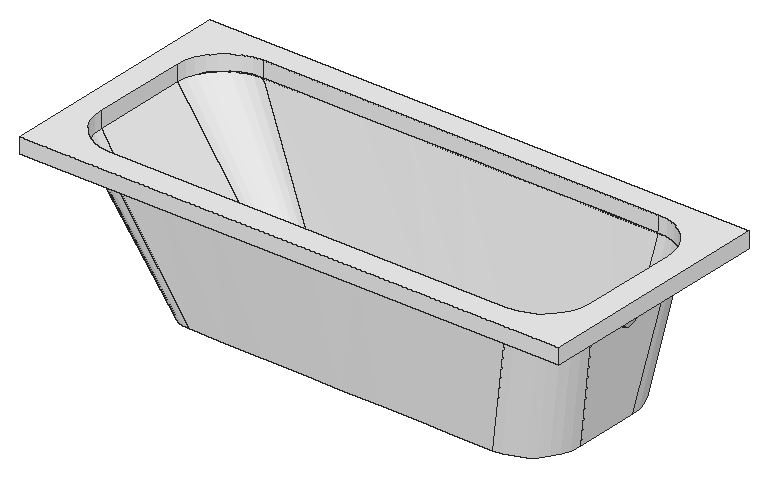
Revit family "NLRS_74_PF_UN_bad_S8H0V000000_SPHINX_BCB", category Plumbing Fixtures, Revit 2016
Family settings
  Part Type = Normal
  Round Connector Dimension = Use Radius
  OmniClass Number = 23.45.00.00
  OmniClass Title = Sanitary, Laundry, and Cleaning Equipment
  Work Plane-Based = No
  Always vertical = Yes
  Cut with Voids When Loaded = No
  Shared = No
  Room Calculation Point = No
Parameters (values of type "300 bad 170 x75")
  NLRS_C_type = ""
  NLRS_C_serie = ""
  radius = 25 mm
  NLRS_C_revit_versie = "2016"
  NLRS_C_content_versie = "2.0"
  NLRS_C_content_provider = "BouwConnect"
  NLRS_C_content_datum_uitgifte = "APR-2018"
  NLRS_C_content_datum_gewijzigd = "APR-2018"
  NLRS_C_content_creator = "BouwConnect"
  NLRS_C_URL_product_data = "http://www.sphinx.nl/producten/baden/rechthoekige-baden/sphinx-b40-%7C-bad-b40300/30087/"
  NLRS_C_code_artikel = "S8H0V000000"
  Waste Connection = yes
  WFU = 0
  URL = "http://www.sphinx.nl/"
  NLRS_S_gewicht = 19.00 kg
  NLRS_C_materiaal_01 = NLRS_h2_staal_Sphinx
  NLRS_C_materiaal = NLRS_n6_acryl_wit_Sphinx
  NLRS_C_lengte = 1700 mm
  NLRS_C_hoogte = 450 mm
  NLRS_C_diameter_uit = 50 mm
  NLRS_C_breedte = 750 mm
  Model = ""
  Manufacturer = "Sphinx"
  Keynote = ""
  IfcTypeProduct = "IfcSanitaryTerminalType"
  IfcExportType = "BATH"
  IfcExportAs = "IfcSanitaryTerminalTypeEnum"
  IfcElement = "IfcFlowTerminal"
  NLRS_C_code_EAN = "8711754119468"
  Description = "bad"
  NLRS_C_URL_BCB = "http://bcb-online.nl/?zoekterm=Sphinx+++%5bGeberit+B.V.%5d"
  Assembly Code = ""
Reference planes
  plane 1 "Center (Front/Back)": y = 0
  plane 2: z = 0
  plane 3 "Center (Left/Right)": x = 0
Forms (mm)
  Extrusion 1, solid, material "NLRS_n6_acryl_wit_Sphinx" <- "NLRS_C_materiaal", detail levels medium+fine
    sketch origin (0, 0, -450) x (1, 0, 0) y (0, 1, 0)
      loop
        line (0, 0) -> (0, -350) -> (75, -350) -> (75, -225)
        arc (75, -225) -> (118.934, -118.934) -> (225, -75) r 150
        line (225, -75) -> (1475, -75)
        arc (1475, -75) -> (1581.066, -118.934) -> (1625, -225) r 150
        line (1625, -225) -> (1625, -375) -> (1700, -375) -> (1700, 0) -> (0, 0)
    from 400 to 450
  Blend 2, solid, material "NLRS_n6_acryl_wit_Sphinx" <- "NLRS_C_materiaal", detail levels medium+fine
    base sketch origin (0, 0, -450) x (1, 0, 0) y (0, 1, 0)
      loop
        arc (424.897, -128.802) -> (365.378, -154.013) -> (340.801, -213.797) r 85
        line (340.801, -213.797) -> (340.801, -536.203)
        arc (340.801, -536.203) -> (365.378, -595.987) -> (424.897, -621.198) r 85
        line (424.897, -621.198) -> (1398.372, -631.557)
        arc (1398.372, -631.557) -> (1507.61, -587.327) -> (1553, -478.565) r 153
        line (1553, -478.565) -> (1553, -271.435)
        arc (1553, -271.435) -> (1507.61, -162.673) -> (1398.372, -118.443) r 153
        line (1398.372, -118.443) -> (424.897, -128.802)
    top sketch origin (0, 0, -450) x (1, 0, 0) y (0, 1, 0)
      loop
        arc (225, -72) -> (116.813, -116.813) -> (72, -225) r 153
        line (72, -225) -> (72, -525)
        arc (72, -525) -> (116.813, -633.187) -> (225, -678) r 153
        line (225, -678) -> (1475, -678)
        arc (1475, -678) -> (1583.187, -633.187) -> (1628, -525) r 153
        line (1628, -525) -> (1628, -225)
        arc (1628, -225) -> (1583.187, -116.813) -> (1475, -72) r 153
        line (1475, -72) -> (225, -72)
    from 0 to 400
  Blend 3, void, detail levels medium+fine
    base sketch origin (0, 0, -447) x (1, 0, 0) y (0, 1, 0)
      loop
        arc (424.929, -131.801) -> (367.511, -156.123) -> (343.801, -213.797) r 82
        line (343.801, -213.797) -> (343.801, -536.203)
        arc (343.801, -536.203) -> (367.511, -593.877) -> (424.929, -618.199) r 82
        line (424.929, -618.199) -> (1398.404, -628.557)
        arc (1398.404, -628.557) -> (1505.5, -585.194) -> (1550, -478.565) r 150
        line (1550, -478.565) -> (1550, -271.435)
        arc (1550, -271.435) -> (1505.5, -164.806) -> (1398.404, -121.443) r 150
        line (1398.404, -121.443) -> (424.929, -131.801)
    top sketch origin (0, 0, -447) x (1, 0, 0) y (0, 1, 0)
      loop
        arc (225, -75) -> (118.934, -118.934) -> (75, -225) r 150
        line (75, -225) -> (75, -525)
        arc (75, -525) -> (118.934, -631.066) -> (225, -675) r 150
        line (225, -675) -> (1475, -675)
        arc (1475, -675) -> (1581.066, -631.066) -> (1625, -525) r 150
        line (1625, -525) -> (1625, -225)
        arc (1625, -225) -> (1581.066, -118.934) -> (1475, -75) r 150
        line (1475, -75) -> (225, -75)
    from 0 to 400
  Extrusion 4, solid, material "NLRS_n6_acryl_wit_Sphinx" <- "NLRS_C_materiaal", detail levels medium+fine
    sketch origin (0, -750, -450) x (1, 0, 0) y (0, 1, 0)
      loop
        line (0, 0) -> (1700, 0) -> (1700, 375) -> (1625, 375) -> (1625, 225)
        arc (1625, 225) -> (1581.066, 118.934) -> (1475, 75) r 150
        line (1475, 75) -> (225, 75)
        arc (225, 75) -> (118.934, 118.934) -> (75, 225) r 150
        line (75, 225) -> (75, 400) -> (0, 400) -> (0, 0)
    from 400 to 450
  Extrusion 5, solid, material "NLRS_h2_staal_Sphinx" <- "NLRS_C_materiaal_01", detail levels medium+fine
    sketch origin (1761.354, 524.022, -450) x (0, -1, 0) y (1, 0, 0)
      loop
        circle (899.022, -346.916) r 26
    from -10 to 0
  Extrusion 6, void, detail levels fine
    sketch origin (1696.437, 575, -450) x (0, -1, 0) y (1, 0, 0)
      loop
        circle (950, -282) r 23
    from -20 to 10
  Revolve 7, solid, material "NLRS_h2_staal_Sphinx" <- "NLRS_C_materiaal_01", detail levels fine
    sketch origin (1414.437, 575, -450) x (0, -1, 0) y (0, 0, 1)
      loop
        arc (920.939, 11) -> (907.985, 9.448) -> (895.764, 4.881) r 54.847
        arc (895.764, 4.881) -> (895.444, 4.657) -> (895.194, 4.356) r 1.467
        arc (895.194, 4.356) -> (895.093, 3.653) -> (895.545, 3.106) r 0.878
        arc (895.545, 3.106) -> (896.133, 3.026) -> (896.725, 3) r 6.633
        line (896.725, 3) -> (950, 3) -> (950, 11) -> (920.939, 11)
      axis (950, 3) -> (950, 11)
    angle from 0 to 360
  Revolve 8, solid, material "NLRS_h2_staal_Sphinx" <- "NLRS_C_materiaal_01", detail levels fine
    sketch origin (1696.437, 575, -90) x (0, -1, 0) y (1, 0, 0)
      loop
        line (950, -72) -> (910, -72) -> (910, -87)
        arc (910, -87) -> (914.393, -97.607) -> (925, -102) r 15
        line (925, -102) -> (950, -102) -> (950, -72)
      axis (950, -102) -> (950, -72)
    angle from 0 to 360
  Extrusion 9, solid, material "NLRS_n6_acryl_wit_Sphinx" <- "NLRS_C_materiaal", detail levels coarse
    sketch origin (0, 0, -450) x (1, 0, 0) y (0, 1, 0)
      loop
        line (0, -750) -> (1700, -750) -> (1700, 0) -> (0, 0) -> (0, -750)
    from 0 to 450
  Extrusion 10, void
    sketch origin (0, 0, -450) x (1, 0, 0) y (0, 1, 0)
      loop
        arc (225, -72) -> (116.813, -116.813) -> (72, -225) r 153
        line (72, -225) -> (72, -525)
        arc (72, -525) -> (116.813, -633.187) -> (225, -678) r 153
        line (225, -678) -> (1475, -678)
        arc (1475, -678) -> (1583.187, -633.187) -> (1628, -525) r 153
        line (1628, -525) -> (1628, -225)
        arc (1628, -225) -> (1583.187, -116.813) -> (1475, -72) r 153
        line (1475, -72) -> (225, -72)
    from 50 to 500
  Extrusion 11, solid, material "NLRS_n6_acryl_wit_Sphinx" <- "NLRS_C_materiaal", not visible
    sketch origin (0, 0, -450) x (1, 0, 0) y (0, 1, 0)
      loop
        circle (1414.437, -375) r 25
    from 0 to 5
Cuts and joins
  Blend 3, Extrusion 6 cuts Blend 2
  joined: Extrusion 1, Extrusion 4
  Extrusion 6 cuts Extrusion 5
  Extrusion 6 cuts Revolve 7
  Extrusion 10 cuts Extrusion 9
Dimensions and locks
  aligned and locked: level to plane 2
Connectors
  piping at (1414.437, -375, -450), diameter 50, driven by "WFU", driven by "radius"
    settings: on Extrusion 11, index 1, connector inside diameter 50 mm, connector length 0 mm, flow factor 0, pipe flow 0.0 L/s, pressure drop 0.0 Pa, fitting loss kfactor 0, connector angle 0.00°, fixture units 0, engagement length 0 mm, angle of deflection 0.00°, flow configuration 3, flow direction 2, fitting loss method 0, system type 16, joint type 0, gender type 0, connector reference index -1, connector utility 0, adjustable connector no, is connector primary yes, connector description "out"
